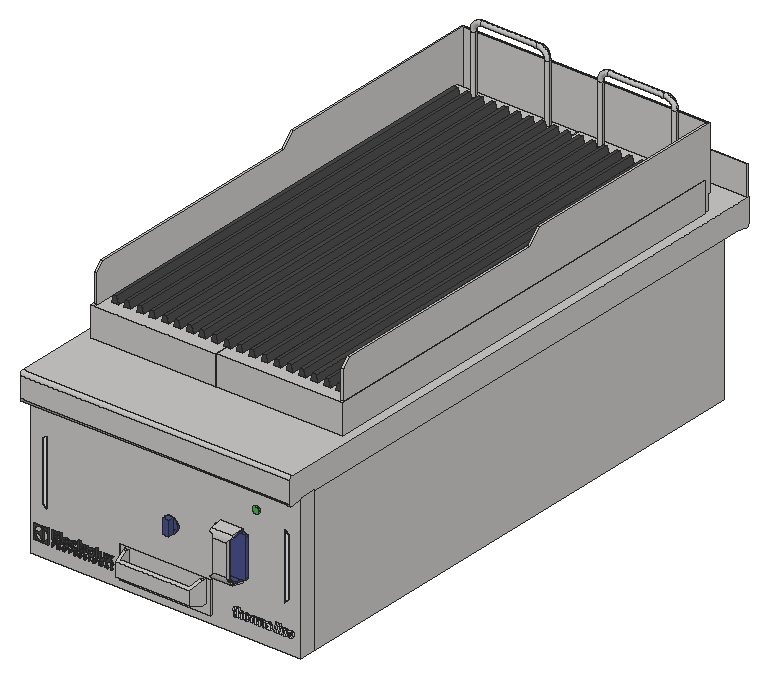
Revit family "QF_ELECTROLUXPROFESSIONAL_588618_MBDABBDOPO", category Attrezzature speciali, Revit 2020 (continued)
Definition of nested family "Front_Panel_W400_2 Knobs_2Spie_Manop_Simm"
  Definition of nested family "ELX_Professional_Logo_Small"
    Forms (mm)
      Extrusion 2, solid, material <- "Material_Logo"
        sketch origin (15.5, 0, 0) x (1, 0, 0) y (0, 1, 0)
          loop
            arc (-0.674, -7.78) -> (-0.231, -8.259) -> (0.347, -8.563) r 1.928
            arc (0.347, -8.563) -> (0.881, -8.779) -> (1.387, -9.056) r 5.041
            arc (1.387, -9.056) -> (1.584, -9.387) -> (1.428, -9.74) r 0.42
            arc (1.428, -9.74) -> (0.887, -9.96) -> (0.314, -9.845) r 1.016
            arc (0.314, -9.845) -> (-0.107, -9.603) -> (-0.371, -9.196) r 1.033
            line (-0.371, -9.196) -> (-1.152, -9.686)
            arc (-1.152, -9.686) -> (-0.842, -10.198) -> (-0.39, -10.589) r 1.914
            arc (-0.39, -10.589) -> (0.184, -10.834) -> (0.804, -10.896) r 2.063
            arc (0.804, -10.896) -> (1.572, -10.743) -> (2.263, -10.376) r 2.696
            arc (2.263, -10.376) -> (2.568, -9.565) -> (2.411, -8.712) r 1.618
            arc (2.411, -8.712) -> (2.07, -8.319) -> (1.635, -8.035) r 1.876
            arc (1.635, -8.035) -> (1.084, -7.789) -> (0.519, -7.577) r 9.883
            arc (0.519, -7.577) -> (0.193, -7.07) -> (0.665, -6.694) r 0.45
            arc (0.665, -6.694) -> (1.189, -6.809) -> (1.61, -7.143) r 1.197
          loop
            line (6.801, -5.837) -> (6.801, -10.814) -> (7.825, -10.814) -> (7.825, -5.837) -> (6.801, -5.837)
          loop
            circle (14.724, -8.325) r 1.548
          loop
            circle (14.724, -8.325) r 2.585
          loop
            line (21.59, -10.814) -> (22.623, -10.814) -> (22.623, -7.685) -> (24.9, -10.814) -> (25.895, -10.814) -> (25.895, -5.837) -> (24.861, -5.837) -> (24.861, -9.061) -> (22.585, -5.837) -> (21.59, -5.837) -> (21.59, -10.814)
          loop
            line (31.054, -10.814) -> (31.539, -9.74) -> (33.38, -9.74) -> (33.865, -10.814) -> (34.965, -10.814) -> (32.46, -5.837) -> (29.956, -10.814) -> (31.054, -10.814)
          loop
            line (32.46, -7.698) -> (31.999, -8.719) -> (32.921, -8.719) -> (32.46, -7.698)
          loop
            line (40.047, -9.873) -> (40.047, -5.837) -> (39.024, -5.837) -> (39.024, -10.814) -> (41.961, -10.814) -> (41.961, -9.873) -> (40.047, -9.873)
          loop
            line (-74.986, -10.814) -> (-53.322, -10.814) -> (-53.322, 10.82) -> (-74.986, 10.82) -> (-74.986, -10.814)
          loop
            line (-61.261, 9.758) -> (-61.261, -9.707)
            arc (-61.261, -9.707) -> (-54.066, 0.025) -> (-61.261, 9.758) r 10.18
          loop
            line (-62.251, 8.349) -> (-62.251, 9.758)
            arc (-62.251, 9.758) -> (-70.347, 7.918) -> (-74.247, 0.59) r 9.976
            line (-74.247, 0.59) -> (-71.026, 0.59)
            arc (-71.026, 0.59) -> (-65.274, 2.925) -> (-62.251, 8.349) r 9.351
          loop
            arc (-74.247, -0.539) -> (-70.353, -7.928) -> (-62.251, -9.957) r 10.237
            line (-62.251, -9.957) -> (-62.251, -8.298)
            arc (-62.251, -8.298) -> (-65.274, -2.874) -> (-71.026, -0.539) r 9.351
            line (-71.026, -0.539) -> (-74.247, -0.539)
        from 0 to 1.644
    Dimensions and locks
      aligned and locked: plane 2 to Extrusion 1
      aligned and locked: level to Extrusion 1
Definition of nested family "Rib_TRAP10x10"
  Parameters
    Show Clearance [instance] = yes
    Model = ""
    Lenght [instance] = 632 mm
    Default Elevation = 0 mm
  Reference planes
    plane 1 "Center (Front/Back)": y = -11.07
    plane 2: z = 0
    plane 3 "Center (Left/Right)": x = 0
    plane 4 "Back": y = 304.93
    plane 5 "Front": y = -327.07
  Forms (mm)
    Extrusion 1, solid
      sketch origin (0, -919.2, 0) x (1, 0, 0) y (0, 1, 0)
        loop
          line (-198.75, 1399.2) -> (-198.75, 386.445) -> (165.741, 386.445) -> (165.741, 1399.2) -> (-198.75, 1399.2)
      from 0 to -59.546
    Extrusion 2, solid
      sketch origin (0, -11.07, -267.484) x (1, 0, 0) y (0, 0, 1)
        loop
          line (-2.5, 277.484) -> (-5, 267.484) -> (5, 267.484) -> (2.5, 277.484) -> (-2.5, 277.484)
      from -316 to 316
  Lines and regions (mm)
    symbolic lines
      curve 1: line (-5, 304.93, 0) -> (-5, -327.07, 0)
      curve 2: line (-2.5, 304.93, 0) -> (-2.5, -327.07, 0)
      curve 3: line (2.5, -327.07, 0) -> (2.5, 304.93, 0)
      curve 4: line (5, 304.93, 0) -> (5, -327.07, 0)
      curve 5: line (5, 304.93, 0) -> (-5, 304.93, 0)
      curve 6: line (-5, -327.07, 0) -> (5, -327.07, 0)
  Dimensions and locks
    "Lenght": plane 4 "Back" to plane 5 "Front"
    equal spacing: plane 4 "Back", plane 1 "Center (Front/Back)", plane 5 "Front"
    aligned and locked: plane 2 to Extrusion 1
    aligned and locked: level to Extrusion 1
    aligned and locked: plane 4 "Back" to Extrusion 2
    aligned and locked: Extrusion 2 to plane 5 "Front"
  Automatic sketch dimensions
    Extrusion 1 sketch curve to Extrusion 1 sketch curve = 364.491 mm
    Extrusion 1 sketch curve to Extrusion 1 sketch curve = 1012.755 mm
    Extrusion 2 sketch curve to plane 3 "Center (Left/Right)" = 5 mm
    Extrusion 2 sketch curve to plane 3 "Center (Left/Right)" = 2.5 mm
    plane 3 "Center (Left/Right)" to Extrusion 2 sketch curve = 2.5 mm
    plane 3 "Center (Left/Right)" to Extrusion 2 sketch curve = 5 mm
    Extrusion 2 sketch curve to level = 0 mm
    level to Extrusion 2 sketch curve = 10 mm
    curve 1 to plane 4 "Back" = 0 mm
    curve 4 to plane 5 "Front" = 0 mm
    curve 1 to plane 3 "Center (Left/Right)" = 5 mm
    plane 3 "Center (Left/Right)" to curve 5 = 5 mm
    curve 2 to plane 3 "Center (Left/Right)" = 2.5 mm
    plane 3 "Center (Left/Right)" to curve 3 = 2.5 mm
